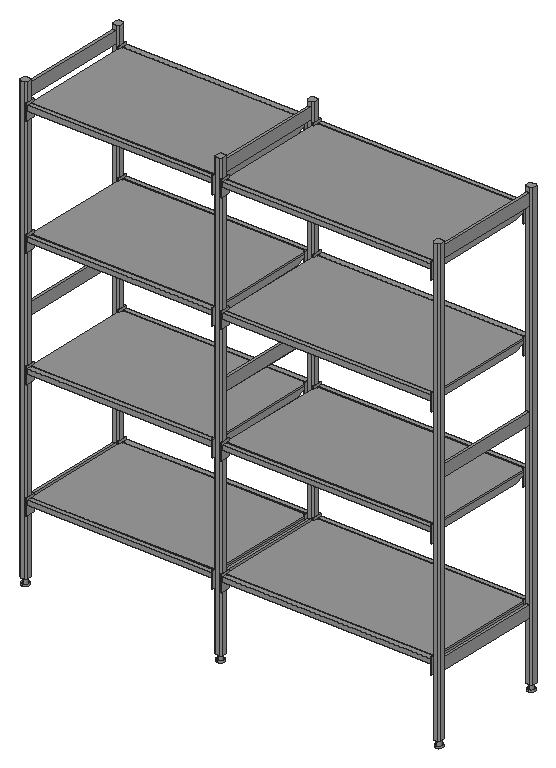
Revit family "QF_ZANUSSI_137039_BLS1606", category Attrezzature speciali, Revit 2020
Family settings
  Quota connettore circolare = Usa diametro
  Tipo di parte = Normale
  Basato su piano di lavoro = No
  Sempre verticale = Sì
  Taglio con vuoti quando caricato = No
  Condiviso = No
  Punto di calcolo locali = No
Parameters (values of type "Standard")
  Weight = 33.00 kg
  Watts = 0 W
  Volts = 0 V
  URL Manufacturer = "http://www.zanussiprofessional.com"
  URL = "http://www.zanussiprofessional.com"
  Steam Supply Size = 0 mm
  Steam Supply Minimum Pressure = 0.0 Pa
  Steam Supply Maximum Pressure = 0.0 Pa
  Steam Consumption per Hour = 0
  Refrigeration Suction Line Size = 0.0 mm
  Refrigeration Liquid Line Size = 0.0 mm
  Refrigerant Compressor Remote = yes
  Prospetto di default = 0.0 mm
  Phase = 0
  Modello = "BLS1606"
  Produttore = "Zanussi"
  Length Actual = 1606.0 mm  # constant formula
  Item Number = "137039"
  Hot Water Size = 0 mm
  Height Actual = 1700.0 mm  # constant formula
  HP = "0 HP"
  Gas Size = 0 mm
  Gas KW = 0
  Gas Input Pressure = 0 W
  Direct Waste Size = 0 mm
  Descrizione = "ALUM.LINEAR SHELV.-POLY.TIERS-475X1606MM"
  Depth Actual = 475.0 mm  # constant formula
  Cycle = 0 Hz
  Condensate Return Size = 0 mm
  Compressed Air Volume = 0.0 L/s
  Compressed Air Size = 0 mm
  Compressed Air Pressure = 0.0 Pa
  Cold Water Size = 0 mm
  Accessory = yes
Reference planes
  plane 1: z = 0
  plane 2 "CenterLeft": x = -31
  plane 3 "LEFT": x = -417
  plane 4 "BACK": y = 23
  plane 5 "FRONT": y = -452
  plane 6 "TOP": z = 1700
  plane 7: x = -385
  plane 8: x = 323
  plane 9 "Center (Front/Back)": y = -214.5
  plane 10: y = -8.5
  plane 11: y = -420.5
  plane 12 "FEET": z = 25
  plane 13: z = 275
  plane 14: z = 725
  plane 15: z = 1175
  plane 16: z = 1625
  plane 17 "CXLeft": x = -403
  plane 18 "Center (Left/Right)": x = 341
  plane 19: y = 5.5
  plane 20 "CYBack": y = 5.5
  plane 21 "CYFront": y = -434.5
  plane 22 "RIGHT": x = 1189
  plane 23: x = 1157
  plane 24 "CXRight": x = 1175
  plane 25: x = 359
Forms (mm)
  Extrusion 1, solid, material "QF_Aluminum"
    sketch origin (-417, 0, -4.006) x (0, 1, 0) y (0, 0, 1)
      loop
        line (-12, 1637.003) -> (4, 1637.003) -> (4, 1655) -> (2.007, 1655) -> (2.007, 1648.501) -> (-431, 1648.501) -> (-431, 1655) -> (-433, 1655) -> (-433, 1637.003) -> (-417, 1637.003) -> (-383, 1625) -> (-46, 1625) -> (-12, 1637.003)
      loop
        line (-12, 1187.003) -> (4, 1187.003) -> (4, 1205) -> (2.007, 1205) -> (2.007, 1198.501) -> (-431, 1198.501) -> (-431, 1205) -> (-433, 1205) -> (-433, 1187.003) -> (-417, 1187.003) -> (-383, 1175) -> (-46, 1175) -> (-12, 1187.003)
      loop
        line (-12, 737.003) -> (4, 737.003) -> (4, 755) -> (2.007, 755) -> (2.007, 748.501) -> (-431, 748.501) -> (-431, 755) -> (-433, 755) -> (-433, 737.003) -> (-417, 737.003) -> (-383, 725) -> (-46, 725) -> (-12, 737.003)
      loop
        line (-12, 287.003) -> (4, 287.003) -> (4, 305) -> (2.007, 305) -> (2.007, 298.501) -> (-431, 298.501) -> (-431, 305) -> (-433, 305) -> (-433, 287.003) -> (-417, 287.003) -> (-383, 275) -> (-46, 275) -> (-12, 287.003)
    from 37 to 32
  Extrusion 2, solid, material "QF_Aluminum"
    sketch origin (-417, 0, 0) x (0, 1, 0) y (0, 0, 1)
      loop
        line (23, 246.005) -> (23, 307.993) -> (-12.993, 307.993) -> (-12.993, 246.005) -> (23, 246.005)
      loop
        line (-452, 246.005) -> (-416.007, 246.005) -> (-416.007, 307.993) -> (-452, 307.993) -> (-452, 246.005)
      loop
        line (23, 696.005) -> (23, 757.993) -> (-12.993, 757.993) -> (-12.993, 696.005) -> (23, 696.005)
      loop
        line (-452, 696.005) -> (-416.007, 696.005) -> (-416.007, 757.993) -> (-452, 757.993) -> (-452, 696.005)
      loop
        line (23, 1146.005) -> (23, 1207.993) -> (-12.993, 1207.993) -> (-12.993, 1146.005) -> (23, 1146.005)
      loop
        line (-452, 1146.005) -> (-416.007, 1146.005) -> (-416.007, 1207.993) -> (-452, 1207.993) -> (-452, 1146.005)
      loop
        line (23, 1596.005) -> (23, 1657.993) -> (-12.993, 1657.993) -> (-12.993, 1596.005) -> (23, 1596.005)
      loop
        line (-452, 1596.005) -> (-416.007, 1596.005) -> (-416.007, 1657.993) -> (-452, 1657.993) -> (-452, 1596.005)
    from 28 to 32
  Extrusion 3, solid, material "QF_Aluminum"
    sketch origin (-417, 0, 0) x (0, 1, 0) y (0, 0, 1)
      loop
        line (4, 1650.994) -> (4, 1632.998) -> (23, 1632.998) -> (23, 1650.994) -> (4, 1650.994)
      loop
        line (-433, 1650.994) -> (-452, 1650.994) -> (-452, 1632.998) -> (-433, 1632.998) -> (-433, 1650.994)
      loop
        line (4, 1200.994) -> (4, 1182.998) -> (23, 1182.998) -> (23, 1200.994) -> (4, 1200.994)
      loop
        line (-433, 1200.994) -> (-452, 1200.994) -> (-452, 1182.998) -> (-433, 1182.998) -> (-433, 1200.994)
      loop
        line (4, 750.994) -> (4, 732.998) -> (23, 732.998) -> (23, 750.994) -> (4, 750.994)
      loop
        line (-433, 750.994) -> (-452, 750.994) -> (-452, 732.998) -> (-433, 732.998) -> (-433, 750.994)
      loop
        line (4, 300.994) -> (4, 282.998) -> (23, 282.998) -> (23, 300.994) -> (4, 300.994)
      loop
        line (-433, 300.994) -> (-452, 300.994) -> (-452, 282.998) -> (-433, 282.998) -> (-433, 300.994)
    from 32 to 740
  Extrusion 4, solid, material "QF_Polyethylene"
    sketch origin (-417, 0, 0) x (0, 1, 0) y (0, 0, 1)
      loop
        line (2.007, 1650.994) -> (-431, 1650.994) -> (-431, 1644.496) -> (2.007, 1644.496) -> (2.007, 1650.994)
      loop
        line (2.007, 1200.994) -> (-431, 1200.994) -> (-431, 1194.496) -> (2.007, 1194.496) -> (2.007, 1200.994)
      loop
        line (2.007, 750.994) -> (-431, 750.994) -> (-431, 744.496) -> (2.007, 744.496) -> (2.007, 750.994)
      loop
        line (2.007, 300.994) -> (-431, 300.994) -> (-431, 294.496) -> (2.007, 294.496) -> (2.007, 300.994)
    from 32 to 740
  Extrusion 5, solid, material "QF_Aluminum"
    sketch origin (1189, 0, 0) x (0, 1, 0) y (0, 0, 1)
      loop
        line (4, 1650.994) -> (4, 1632.998) -> (23, 1632.998) -> (23, 1650.994) -> (4, 1650.994)
      loop
        line (-433, 1650.994) -> (-452, 1650.994) -> (-452, 1632.998) -> (-433, 1632.998) -> (-433, 1650.994)
      loop
        line (4, 1200.994) -> (4, 1182.998) -> (23, 1182.998) -> (23, 1200.994) -> (4, 1200.994)
      loop
        line (-433, 1200.994) -> (-452, 1200.994) -> (-452, 1182.998) -> (-433, 1182.998) -> (-433, 1200.994)
      loop
        line (4, 750.994) -> (4, 732.998) -> (23, 732.998) -> (23, 750.994) -> (4, 750.994)
      loop
        line (-433, 750.994) -> (-452, 750.994) -> (-452, 732.998) -> (-433, 732.998) -> (-433, 750.994)
      loop
        line (4, 300.994) -> (4, 282.998) -> (23, 282.998) -> (23, 300.994) -> (4, 300.994)
      loop
        line (-433, 300.994) -> (-452, 300.994) -> (-452, 282.998) -> (-433, 282.998) -> (-433, 300.994)
    from -32 to -830
  Extrusion 6, solid, material "QF_Polyethylene"
    sketch origin (1189, 0, 0) x (0, 1, 0) y (0, 0, 1)
      loop
        line (2.007, 1650.994) -> (-431, 1650.994) -> (-431, 1644.496) -> (2.007, 1644.496) -> (2.007, 1650.994)
      loop
        line (2.007, 1200.994) -> (-431, 1200.994) -> (-431, 1194.496) -> (2.007, 1194.496) -> (2.007, 1200.994)
      loop
        line (2.007, 750.994) -> (-431, 750.994) -> (-431, 744.496) -> (2.007, 744.496) -> (2.007, 750.994)
      loop
        line (2.007, 300.994) -> (-431, 300.994) -> (-431, 294.496) -> (2.007, 294.496) -> (2.007, 300.994)
    from -32 to -830
Lines and regions (mm)
  symbolic lines
    curve 1: line (323, 4, 1700) -> (-385, 4, 1700)
    curve 2: line (-408, -8.5, 1700) -> (-408, -420.5, 1700)
    curve 3: line (-398, -420.5, 1700) -> (-398, -8.5, 1700)
    curve 4: line (-389, 23, 1700) -> (327, 23, 1700)
    curve 5: line (-385, -452, 1700) -> (323, -452, 1700)
    curve 6: line (355, 23, 1700) -> (1161, 23, 1700)
    curve 7: line (355, -452, 1700) -> (1161, -452, 1700)
    curve 8: line (-385, -433, 1700) -> (323, -433, 1700)
    curve 9: line (359, -433, 1700) -> (1157, -433, 1700)
    curve 10: line (359, 4, 1700) -> (1157, 4, 1700)
    curve 11: line (1157, -12.993, 1700) -> (1157, -416.007, 1700)
    curve 12: line (323, -12.993, 1700) -> (323, -416.007, 1700)
    curve 13: line (359, -416.007, 1700) -> (359, -12.993, 1700)
    curve 14: line (-385, -12.993, 1700) -> (-385, -416.007, 1700)
Dimensions and locks
  plane 3 "LEFT" to plane 2 "CenterLeft" = 386.0 mm
  locked: plane 6 "TOP" to level at 1700
  locked: plane 4 "BACK" to plane 5 "FRONT" at 475
  locked: plane 7 to plane 8 at 708
  locked: plane 10 to plane 11 at 412
  equal spacing: plane 10, plane 9 "Center (Front/Back)", plane 11
  equal spacing: plane 4 "BACK", plane 9 "Center (Front/Back)", plane 5 "FRONT"
  plane 12 "FEET" to level = 25.0 mm
  plane 6 "TOP" to plane 12 "FEET" = 1675.0 mm
  plane 13 to plane 12 "FEET" = 250.0 mm
  plane 14 to plane 13 = 450.0 mm
  plane 15 to plane 14 = 450.0 mm
  plane 16 to plane 15 = 450.0 mm
  locked: plane 4 "BACK" to plane 20 "CYBack" at 17.5
  locked: plane 21 "CYFront" to plane 5 "FRONT" at 17.5
  locked: plane 4 "BACK" to Extrusion 1 at 19
  locked: Extrusion 1 to plane 5 "FRONT" at 19
  Extrusion 1 sketch curve to plane 21 "CYFront" = 3.5 mm
  plane 3 "LEFT" to plane 22 "RIGHT" = 1606.0 mm
  locked: plane 25 to plane 23 at 798
  locked: plane 8 to plane 18 "Center (Left/Right)" at 18
  locked: plane 18 "Center (Left/Right)" to plane 25 at 18
  locked: plane 3 "LEFT" to plane 7 at 32
  locked: plane 24 "CXRight" to plane 22 "RIGHT" at 14
  aligned and locked: level to plane 1
  aligned and locked: plane 7 to Extrusion 1
  aligned and locked: Extrusion 2 to plane 7
  aligned and locked: plane 7 to Extrusion 4
  aligned and locked: Extrusion 4 to plane 8
  aligned and locked: plane 7 to Extrusion 3
  aligned and locked: Extrusion 3 to plane 8
  aligned and locked: Extrusion 3 sketch curve to Extrusion 1
  aligned and locked: Extrusion 1 to Extrusion 3 sketch curve
  aligned and locked: Extrusion 3 sketch curve to Extrusion 3 sketch curve  (x2)
  aligned and locked: Extrusion 1 sketch curve to Extrusion 1 sketch curve  (x3)
  aligned and locked: Extrusion 4 sketch curve to Extrusion 1  (x4)
  aligned and locked: Extrusion 5 sketch curve to Extrusion 5 sketch curve  (x2)
  aligned and locked: Extrusion 5 to plane 25
  aligned and locked: Extrusion 6 to plane 25
  aligned and locked: nested 3 to plane 18 "Center (Left/Right)"
  aligned and locked: nested 1 to plane 17 "CXLeft"
  aligned and locked: Extrusion 3 to plane 7  (x3)
  aligned and locked: plane 8 to Extrusion 3  (x4)
  aligned and locked: plane 25 to Extrusion 5  (x4)
  aligned and locked: plane 25 to Extrusion 6  (x4)
  aligned and locked: plane 8 to Extrusion 4  (x4)
  aligned and locked: nested 2 to plane 24 "CXRight"
  aligned and locked: Extrusion 5 to plane 23
  aligned and locked: Extrusion 6 to plane 23
  aligned and locked: plane 23 to Extrusion 5  (x3)
  aligned and locked: plane 23 to Extrusion 6  (x3)
Automatic sketch dimensions
  plane 21 "CYFront" to Extrusion 1 sketch curve = 1.5 mm  (x4)
  plane 11 to Extrusion 1 sketch curve = 3.5 mm  (x4)
  Extrusion 1 sketch curve to plane 13 = 4.006 mm
  Extrusion 1 sketch curve to Extrusion 1 sketch curve = 34.0 mm  (x4)
  Extrusion 1 sketch curve to plane 14 = 4.006 mm
  Extrusion 1 sketch curve to plane 15 = 4.006 mm
  Extrusion 1 sketch curve to plane 16 = 4.006 mm
  Extrusion 1 sketch curve to plane 10 = 37.5 mm  (x4)
  Extrusion 1 sketch curve to plane 10 = 3.5 mm  (x4)
  plane 19 to Extrusion 1 sketch curve = 3.493 mm  (x4)
  plane 19 to Extrusion 1 sketch curve = 1.5 mm  (x4)
  plane 13 to Extrusion 1 sketch curve = 7.998 mm  (x2)
  Extrusion 1 sketch curve to Extrusion 1 sketch curve = 11.498 mm  (x4)
  Extrusion 1 sketch curve to Extrusion 1 sketch curve = 6.499 mm  (x8)
  plane 14 to Extrusion 1 sketch curve = 7.998 mm  (x2)
  plane 15 to Extrusion 1 sketch curve = 7.998 mm  (x2)
  plane 16 to Extrusion 1 sketch curve = 7.998 mm  (x2)
  Extrusion 2 sketch curve to plane 5 "FRONT" = 0.0 mm  (x4)
  Extrusion 2 sketch curve to plane 4 "BACK" = 0.0 mm  (x4)
  plane 11 to Extrusion 2 sketch curve = 4.493 mm  (x4)
  Extrusion 2 sketch curve to plane 10 = 4.493 mm  (x4)
  Extrusion 2 sketch curve to plane 13 = 28.995 mm  (x2)
  plane 13 to Extrusion 2 sketch curve = 32.993 mm  (x2)
  Extrusion 2 sketch curve to plane 14 = 28.995 mm  (x2)
  plane 14 to Extrusion 2 sketch curve = 32.993 mm  (x2)
  Extrusion 2 sketch curve to plane 15 = 28.995 mm  (x2)
  plane 15 to Extrusion 2 sketch curve = 32.993 mm  (x2)
  Extrusion 2 sketch curve to plane 16 = 28.995 mm  (x2)
  plane 16 to Extrusion 2 sketch curve = 32.993 mm  (x2)
  Extrusion 3 sketch curve to plane 5 "FRONT" = 0.0 mm  (x4)
  Extrusion 3 sketch curve to plane 4 "BACK" = 0.0 mm  (x4)
  plane 19 to Extrusion 3 sketch curve = 1.5 mm  (x4)
  plane 13 to Extrusion 3 sketch curve = 7.998 mm  (x2)
  Extrusion 3 sketch curve to Extrusion 3 sketch curve = 17.997 mm  (x8)
  plane 14 to Extrusion 3 sketch curve = 7.998 mm  (x2)
  plane 15 to Extrusion 3 sketch curve = 7.998 mm  (x2)
  plane 16 to Extrusion 3 sketch curve = 7.998 mm  (x2)
  plane 19 to Extrusion 4 sketch curve = 3.493 mm  (x4)
  plane 13 to Extrusion 4 sketch curve = 19.496 mm
  Extrusion 4 sketch curve to Extrusion 4 sketch curve = 6.499 mm  (x4)
  plane 14 to Extrusion 4 sketch curve = 19.496 mm
  plane 15 to Extrusion 4 sketch curve = 19.496 mm
  plane 16 to Extrusion 4 sketch curve = 19.496 mm
  Extrusion 5 sketch curve to plane 5 "FRONT" = 0.0 mm  (x4)
  Extrusion 5 sketch curve to plane 4 "BACK" = 0.0 mm  (x4)
  plane 21 "CYFront" to Extrusion 5 sketch curve = 1.5 mm  (x2)
  plane 19 to Extrusion 5 sketch curve = 1.5 mm  (x4)
  plane 13 to Extrusion 5 sketch curve = 7.998 mm  (x2)
  Extrusion 5 sketch curve to Extrusion 5 sketch curve = 17.997 mm  (x8)
  plane 14 to Extrusion 5 sketch curve = 7.998 mm  (x2)
  plane 15 to Extrusion 5 sketch curve = 7.998 mm  (x2)
  plane 16 to Extrusion 5 sketch curve = 7.998 mm  (x2)
  plane 21 "CYFront" to Extrusion 6 sketch curve = 3.5 mm  (x4)
  plane 19 to Extrusion 6 sketch curve = 3.493 mm  (x4)
  plane 13 to Extrusion 6 sketch curve = 19.496 mm
  Extrusion 6 sketch curve to Extrusion 6 sketch curve = 6.499 mm  (x4)
  plane 14 to Extrusion 6 sketch curve = 19.496 mm
  plane 15 to Extrusion 6 sketch curve = 19.496 mm
  plane 16 to Extrusion 6 sketch curve = 19.496 mm
  curve 7 to plane 5 "FRONT" = 0.0 mm
  curve 5 to plane 5 "FRONT" = 0.0 mm
  curve 8 to plane 8 = 0.0 mm
  curve 9 to plane 25 = 0.0 mm
  curve 9 to plane 23 = 0.0 mm
  curve 8 to plane 7 = 0.0 mm
  curve 2 to plane 11 = 0.0 mm
  curve 3 to plane 11 = 0.0 mm
  curve 14 to plane 7 = 0.0 mm
  curve 13 to plane 25 = 0.0 mm
  curve 12 to plane 8 = 0.0 mm
  curve 11 to plane 23 = 0.0 mm
  curve 3 to plane 10 = 0.0 mm
  curve 2 to plane 10 = 0.0 mm
  curve 1 to plane 8 = 0.0 mm
  curve 1 to plane 7 = 0.0 mm
  curve 10 to plane 23 = 0.0 mm
  curve 10 to plane 25 = 0.0 mm
  curve 4 to plane 4 "BACK" = 0.0 mm
  curve 6 to plane 4 "BACK" = 0.0 mm
  curve 5 to plane 8 = 0.0 mm
  curve 5 to plane 7 = 0.0 mm
  plane 21 "CYFront" to curve 8 = 1.5 mm
  plane 21 "CYFront" to curve 9 = 1.5 mm
  plane 11 to curve 14 = 4.493 mm
  plane 11 to curve 13 = 4.493 mm
  plane 11 to curve 12 = 4.493 mm
  plane 11 to curve 11 = 4.493 mm
  curve 14 to plane 10 = 4.493 mm
  curve 13 to plane 10 = 4.493 mm
  curve 12 to plane 10 = 4.493 mm
  curve 11 to plane 10 = 4.493 mm
  plane 19 to curve 1 = 1.5 mm
  plane 19 to curve 10 = 1.5 mm
  curve 6 to plane 23 = 4.0 mm
  curve 7 to plane 23 = 4.0 mm
  curve 6 to plane 25 = 4.0 mm
  curve 7 to plane 25 = 4.0 mm
  curve 4 to plane 8 = 4.0 mm
  plane 7 to curve 4 = 4.0 mm
  plane 17 "CXLeft" to curve 3 = 5.0 mm
  curve 2 to plane 17 "CXLeft" = 5.0 mm
Nested families
  nested 1: "WT_Anta475" at (0, 0, 0), type "WT_Anta475"
  nested 2: "WT_Anta475" at (772, 0, 0) x (-1, 0, 0) z (0, 0, 1), type "WT_Anta475"
  nested 3: "WT_Anta475Center" at (744, 0, 0), type "WT_Anta475Center"
Definition of nested family "WT_Anta475"
  Parameters
    WidthLeft = A + 64.0 mm  # 772.0 mm
    Width = 1606.0 mm
    Right = WidthLeft / 2  # 386.0 mm
    Default Elevation = 0.0 mm
    Left = -WidthLeft / 2  # -386.0 mm
    Height = 1725.0 mm
    FEET = 25.0 mm
    E = 0.0 mm
    Dint = Depth - 63.0 mm  # 412.0 mm
    Dext = Depth - 8.0 mm  # 467.0 mm
    Depth = 475.0 mm
    DX = (WidthLeft - A) / 2  # 32.0 mm
    B = 798.0 mm
    A = 708.0 mm
  Reference planes
    plane 1: z = 0
    plane 2 "LEFT": x = -417
    plane 3 "BACK": y = 23
    plane 4 "FRONT": y = -452
    plane 5 "TOP": z = 1725
    plane 6 "Center (Front/Back)": y = -214.5
    plane 7: y = -8.5
    plane 8: y = -420.5
    plane 9 "FEET": z = 25
    plane 10: z = 275
    plane 11: z = 725
    plane 12: z = 1175
    plane 13: z = 1625
    plane 14 "CXLeft": x = -403
    plane 15: y = 5.5
    plane 16 "CYBack": y = 5.5
    plane 17 "CYFront": y = -434.5
    plane 18: x = -385.031
    plane 19: x = -380.031
  Forms (mm)
    Extrusion 1, solid
      sketch origin (0, 0, 0) x (1, 0, 0) y (0, 1, 0)
        loop
          line (-417, 13.246) -> (-417, -2.246) -> (-410.746, -8.5) -> (-395.254, -8.5) -> (-389, -2.246) -> (-389, 13.246) -> (-395.254, 19.5) -> (-410.746, 19.5) -> (-417, 13.246)
      from 1725 to 25
    Extrusion 2, solid
      sketch origin (-417, 0, 0) x (0, 1, 0) y (0, 0, 1)
        loop
          line (23, 246.005) -> (23, 307.993) -> (-12.993, 307.993) -> (-12.993, 246.005) -> (23, 246.005)
        loop
          line (-452, 246.005) -> (-416.007, 246.005) -> (-416.007, 307.993) -> (-452, 307.993) -> (-452, 246.005)
        loop
          line (23, 696.005) -> (23, 757.993) -> (-12.993, 757.993) -> (-12.993, 696.005) -> (23, 696.005)
        loop
          line (-452, 696.005) -> (-416.007, 696.005) -> (-416.007, 757.993) -> (-452, 757.993) -> (-452, 696.005)
        loop
          line (23, 1146.005) -> (23, 1207.993) -> (-12.993, 1207.993) -> (-12.993, 1146.005) -> (23, 1146.005)
        loop
          line (-452, 1146.005) -> (-416.007, 1146.005) -> (-416.007, 1207.993) -> (-452, 1207.993) -> (-452, 1146.005)
        loop
          line (23, 1596.005) -> (23, 1657.993) -> (-12.993, 1657.993) -> (-12.993, 1596.005) -> (23, 1596.005)
        loop
          line (-452, 1596.005) -> (-416.007, 1596.005) -> (-416.007, 1657.993) -> (-452, 1657.993) -> (-452, 1596.005)
      from 28 to 32
    Revolve 3, solid
      sketch origin (-403, 0, 0) x (0, 1, 0) y (0, 0, 1)
        loop
          line (5.5, 25) -> (5.5, 0) -> (19, 0) -> (19, 5) -> (14, 5) -> (14, 25) -> (5.5, 25)
        axis (5.5, 25) -> (5.5, 0)
      angle from 0 to 360
    Extrusion 4, solid
      sketch origin (-403, 0, 0) x (0, 1, 0) y (0, 0, 1)
        loop
          line (-8.5, 912.382) -> (-8.5, 957.374) -> (-420.5, 957.374) -> (-420.5, 912.382) -> (-8.5, 912.382)
        loop
          line (-8.5, 1662.244) -> (-8.5, 1707.236) -> (-420.5, 1707.236) -> (-420.5, 1662.244) -> (-8.5, 1662.244)
      from -5 to 5
    Revolve 5, solid
      sketch origin (-403, -627, 0) x (0, -1, 0) y (0, 0, 1)
        loop
          line (-192.5, 25) -> (-192.5, 0) -> (-179, 0) -> (-179, 5) -> (-184, 5) -> (-184, 25) -> (-192.5, 25)
        axis (-192.5, 25) -> (-192.5, 0)
      angle from 0 to 360
    Extrusion 6, solid
      sketch origin (0, -627, 0) x (1, 0, 0) y (0, 1, 0)
        loop
          line (-417, 184.754) -> (-410.746, 178.5) -> (-395.254, 178.5) -> (-389, 184.754) -> (-389, 200.246) -> (-395.254, 206.5) -> (-410.746, 206.5) -> (-417, 200.246) -> (-417, 184.754)
      from 1725 to 25
    Extrusion 7, solid
      sketch origin (-417.031, -0.022, 0) x (0, 1, 0) y (0, 0, -1)
        loop
          line (-12, -1632.998) -> (-46, -1620.994) -> (-383, -1620.994) -> (-417, -1632.998) -> (-433, -1632.998) -> (-433, -1650.994) -> (-431, -1650.994) -> (-431, -1644.496) -> (2.007, -1644.496) -> (2.007, -1650.994) -> (4, -1650.994) -> (4, -1632.998) -> (-12, -1632.998)
        loop
          line (-12, -1182.998) -> (-46, -1170.994) -> (-383, -1170.994) -> (-417, -1182.998) -> (-433, -1182.998) -> (-433, -1200.994) -> (-431, -1200.994) -> (-431, -1194.496) -> (2.007, -1194.496) -> (2.007, -1200.994) -> (4, -1200.994) -> (4, -1182.998) -> (-12, -1182.998)
        loop
          line (-12, -732.998) -> (-46, -720.994) -> (-383, -720.994) -> (-417, -732.998) -> (-433, -732.998) -> (-433, -750.994) -> (-431, -750.994) -> (-431, -744.496) -> (2.007, -744.496) -> (2.007, -750.994) -> (4, -750.994) -> (4, -732.998) -> (-12, -732.998)
        loop
          line (-12, -282.998) -> (-46, -270.994) -> (-383, -270.994) -> (-417, -282.998) -> (-433, -282.998) -> (-433, -300.994) -> (-431, -300.994) -> (-431, -294.496) -> (2.007, -294.496) -> (2.007, -300.994) -> (4, -300.994) -> (4, -282.998) -> (-12, -282.998)
      from -32 to -37
    Extrusion 8, solid
      sketch origin (-403, 0, -659.878) x (0, 1, 0) y (0, 0, 1)
        loop
          line (-8.5, 912.382) -> (-8.5, 957.374) -> (-420.5, 957.374) -> (-420.5, 912.382) -> (-8.5, 912.382)
        loop
          line (-8.5, 1572.382) -> (-8.5, 1617.374) -> (-420.5, 1617.374) -> (-420.5, 1572.382) -> (-8.5, 1572.382)
        loop
          line (-8.5, 2322.382) -> (-8.5, 2367.374) -> (-420.5, 2367.374) -> (-420.5, 2322.382) -> (-8.5, 2322.382)
      from -5 to 5
  Lines and regions (mm)
    symbolic lines
      curve 1: line (-408, -8.5, 1725) -> (-408, -420.5, 1725)
      curve 2: line (-398, -420.5, 1725) -> (-398, -8.5, 1725)
      curve 3: line (-395.254, -8.5, 1725) -> (-410.746, -8.5, 1725)
      curve 4: line (-417, -2.246, 1725) -> (-410.746, -8.5, 1725)
      curve 5: line (-417, 13.246, 1725) -> (-417, -2.246, 1725)
      curve 6: line (-410.746, 19.5, 1725) -> (-417, 13.246, 1725)
      curve 7: line (-395.254, 19.5, 1725) -> (-410.746, 19.5, 1725)
      curve 8: line (-389, 13.246, 1725) -> (-395.254, 19.5, 1725)
      curve 9: line (-395.254, -8.5, 1725) -> (-389, -2.246, 1725)
      curve 10: line (-395.254, -420.5, 1725) -> (-410.746, -420.5, 1725)
      curve 11: line (-417, -426.754, 1725) -> (-410.746, -420.5, 1725)
      curve 12: line (-410.746, -448.5, 1725) -> (-417, -442.246, 1725)
      curve 13: line (-395.254, -448.5, 1725) -> (-410.746, -448.5, 1725)
      curve 14: line (-389, -442.246, 1725) -> (-395.254, -448.5, 1725)
      curve 15: line (-395.254, -420.5, 1725) -> (-389, -426.754, 1725)
      curve 16: line (-389, -452, 1725) -> (-389, -416.007, 1725)
      curve 17: line (-389, -416.007, 1725) -> (-385, -416.007, 1725)
      curve 18: line (-389, 23, 1725) -> (-389, -12.993, 1725)
      curve 19: line (-389, -12.993, 1725) -> (-385, -12.993, 1725)
      curve 20: line (-417, -426.754, 1725) -> (-417, -442.246, 1725)
      curve 21: line (-385, -452, 1725) -> (-385, -416.007, 1725)
      curve 22: line (-385, -452, 1725) -> (-389, -452, 1725)
      curve 23: line (-385, 23, 1725) -> (-389, 23, 1725)
      curve 24: line (-385, -12.993, 1725) -> (-385, 23, 1725)
      curve 25: line (-385.031, -13.016, 1725) -> (-385.031, -416.029, 1725)
  Dimensions and locks
    "Height": plane 5 "TOP" to level
    "Depth": plane 3 "BACK" to plane 4 "FRONT"
    "Dint": plane 7 to plane 8
    equal spacing: plane 7, plane 6 "Center (Front/Back)", plane 8
    equal spacing: plane 3 "BACK", plane 6 "Center (Front/Back)", plane 4 "FRONT"
    plane 9 "FEET" to level = 25.0 mm
    plane 5 "TOP" to plane 9 "FEET" = 1700.0 mm
    plane 10 to plane 9 "FEET" = 250.0 mm
    plane 11 to plane 10 = 450.0 mm
    plane 12 to plane 11 = 450.0 mm
    plane 13 to plane 12 = 450.0 mm
    locked: plane 2 "LEFT" to plane 14 "CXLeft" at 14
    locked: plane 3 "BACK" to plane 16 "CYBack" at 17.5
    locked: plane 17 "CYFront" to plane 4 "FRONT" at 17.5
    locked: Revolve 3 sketch curve to Revolve 3 sketch curve at 8.5
    locked: Revolve 3 sketch curve to plane 16 "CYBack" at 13.5
    locked: Revolve 5 sketch curve to Revolve 5 sketch curve at 8.5
    aligned and locked: level to plane 1
    aligned and locked: curve 20 to Extrusion 6
    aligned and locked: plane 5 "TOP" to Extrusion 1
    aligned and locked: plane 5 "TOP" to Extrusion 6
    aligned and locked: Extrusion 7 sketch curve to Extrusion 7 sketch curve  (x3)
  Automatic sketch dimensions
    curve 16 to plane 4 "FRONT" = 0.0 mm
    curve 11 to plane 8 = 0.0 mm
    curve 9 to plane 7 = 0.0 mm
    curve 5 to plane 2 "LEFT" = 0.0 mm
    curve 23 to plane 3 "BACK" = 0.0 mm
    plane 4 "FRONT" to curve 13 = 3.5 mm
    curve 20 to plane 17 "CYFront" = 7.746 mm
    curve 20 to plane 8 = 6.254 mm
    plane 8 to curve 16 = 4.493 mm
    curve 24 to plane 18 = 0.031 mm
    curve 24 to plane 7 = 4.493 mm
    plane 7 to curve 5 = 6.254 mm
    curve 5 to plane 15 = 7.746 mm
    curve 6 to plane 3 "BACK" = 3.5 mm
    curve 21 to plane 18 = 0.031 mm
    plane 18 to curve 23 = 3.969 mm
    plane 18 to curve 16 = 3.969 mm
    curve 18 to curve 8 = 6.254 mm
    curve 18 to curve 3 = 6.254 mm
    curve 16 to curve 13 = 6.254 mm
    curve 16 to curve 15 = 6.254 mm
    plane 2 "LEFT" to curve 10 = 6.254 mm
    plane 2 "LEFT" to curve 7 = 6.254 mm
    plane 2 "LEFT" to curve 12 = 6.254 mm
    plane 2 "LEFT" to curve 3 = 6.254 mm
    curve 14 to plane 17 "CYFront" = 7.746 mm
    curve 15 to plane 8 = 6.254 mm
    plane 7 to curve 9 = 6.254 mm
    curve 8 to plane 15 = 7.746 mm
    curve 3 to curve 2 = 2.746 mm
    curve 1 to curve 10 = 2.746 mm
    Extrusion 1 sketch curve to plane 2 "LEFT" = 0.0 mm
    Extrusion 1 sketch curve to plane 7 = 0.0 mm
    plane 2 "LEFT" to Extrusion 1 sketch curve = 6.254 mm  (x2)
    plane 14 "CXLeft" to Extrusion 1 sketch curve = 7.746 mm  (x2)
    Extrusion 1 sketch curve to plane 3 "BACK" = 3.5 mm
    plane 18 to Extrusion 1 sketch curve = 3.969 mm
    plane 7 to Extrusion 1 sketch curve = 6.254 mm  (x2)
    Extrusion 1 sketch curve to plane 15 = 7.746 mm  (x2)
    Extrusion 2 sketch curve to plane 4 "FRONT" = 0.0 mm  (x4)
    Extrusion 2 sketch curve to plane 3 "BACK" = 0.0 mm  (x4)
    plane 8 to Extrusion 2 sketch curve = 4.493 mm  (x4)
    Extrusion 2 sketch curve to plane 7 = 4.493 mm  (x4)
    Extrusion 2 sketch curve to plane 10 = 28.995 mm  (x2)
    plane 10 to Extrusion 2 sketch curve = 32.993 mm  (x2)
    Extrusion 2 sketch curve to plane 11 = 28.995 mm  (x2)
    plane 11 to Extrusion 2 sketch curve = 32.993 mm  (x2)
    Extrusion 2 sketch curve to plane 12 = 28.995 mm  (x2)
    plane 12 to Extrusion 2 sketch curve = 32.993 mm  (x2)
    Extrusion 2 sketch curve to plane 13 = 28.995 mm  (x2)
    plane 13 to Extrusion 2 sketch curve = 32.993 mm  (x2)
    Revolve 3 sketch curve to plane 9 "FEET" = 0.0 mm  (x2)
    Revolve 3 sketch curve to plane 15 = 0.0 mm  (x2)
    Revolve 3 sketch curve to level = 0.0 mm
    level to Revolve 3 sketch curve = 5.0 mm
    Revolve 3 sketch curve to Revolve 3 sketch curve = 11.655 mm
    Extrusion 4 sketch curve to plane 8 = 0.0 mm  (x2)
    Extrusion 4 sketch curve to plane 7 = 0.0 mm  (x2)
    plane 11 to Extrusion 4 sketch curve = 187.382 mm
    Extrusion 4 sketch curve to Extrusion 4 sketch curve = 44.992 mm
    plane 13 to Extrusion 4 sketch curve = 37.244 mm
    Extrusion 4 sketch curve to plane 5 "TOP" = 17.764 mm
    Revolve 5 sketch curve to plane 9 "FEET" = 0.0 mm  (x2)
    Revolve 5 sketch curve to plane 17 "CYFront" = 0.0 mm  (x2)
    Revolve 5 sketch curve to level = 0.0 mm
    Revolve 5 sketch curve to plane 4 "FRONT" = 4.0 mm
    Revolve 5 sketch curve to Revolve 5 sketch curve = 5.0 mm
    level to Revolve 5 sketch curve = 11.655 mm
    Extrusion 6 sketch curve to plane 2 "LEFT" = 0.0 mm
    Extrusion 6 sketch curve to plane 8 = 0.0 mm
    Extrusion 6 sketch curve to plane 2 "LEFT" = 6.254 mm  (x2)
    Extrusion 6 sketch curve to plane 14 "CXLeft" = 7.746 mm  (x2)
    Extrusion 6 sketch curve to plane 4 "FRONT" = 3.5 mm
    Extrusion 6 sketch curve to plane 18 = 3.969 mm
    plane 8 to Extrusion 6 sketch curve = 6.254 mm  (x2)
    plane 17 "CYFront" to Extrusion 6 sketch curve = 7.746 mm  (x2)
    plane 17 "CYFront" to Extrusion 7 sketch curve = 1.478 mm  (x4)
    Extrusion 7 sketch curve to Extrusion 7 sketch curve = 2.0 mm
    plane 8 to Extrusion 7 sketch curve = 3.478 mm  (x4)
    Extrusion 7 sketch curve to plane 10 = 4.006 mm
    Extrusion 7 sketch curve to Extrusion 7 sketch curve = 34.0 mm  (x4)
    Extrusion 7 sketch curve to plane 11 = 4.006 mm
    Extrusion 7 sketch curve to plane 12 = 4.006 mm
    Extrusion 7 sketch curve to plane 13 = 4.006 mm
    Extrusion 7 sketch curve to plane 7 = 37.522 mm  (x4)
    Extrusion 7 sketch curve to plane 7 = 3.522 mm  (x4)
    plane 15 to Extrusion 7 sketch curve = 3.516 mm  (x4)
    plane 15 to Extrusion 7 sketch curve = 1.522 mm  (x4)
    plane 13 to Extrusion 7 sketch curve = 7.998 mm  (x2)
    Extrusion 7 sketch curve to Extrusion 7 sketch curve = 11.498 mm
    Extrusion 7 sketch curve to Extrusion 7 sketch curve = 6.499 mm  (x5)
    plane 12 to Extrusion 7 sketch curve = 25.994 mm  (x2)
    plane 12 to Extrusion 7 sketch curve = 7.998 mm  (x2)
    plane 11 to Extrusion 7 sketch curve = 25.994 mm  (x2)
    plane 11 to Extrusion 7 sketch curve = 7.998 mm  (x2)
    plane 10 to Extrusion 7 sketch curve = 25.994 mm  (x2)
    plane 10 to Extrusion 7 sketch curve = 7.998 mm  (x2)
    curve 25 to plane 18 = 0.0 mm
    plane 8 to curve 25 = 4.471 mm
    curve 25 to plane 7 = 4.516 mm
    Extrusion 8 sketch curve to plane 8 = 0.0 mm  (x3)
    Extrusion 8 sketch curve to plane 7 = 0.0 mm  (x3)
    Extrusion 8 sketch curve to plane 10 = 22.496 mm
    plane 10 to Extrusion 8 sketch curve = 22.496 mm
    plane 11 to Extrusion 8 sketch curve = 187.504 mm
    Extrusion 8 sketch curve to Extrusion 8 sketch curve = 44.992 mm
    plane 13 to Extrusion 8 sketch curve = 37.504 mm
    Extrusion 8 sketch curve to plane 5 "TOP" = 17.504 mm
Definition of nested family "WT_Anta475Center"
  Parameters
    WidthLeft = A + 64.0 mm  # 772.0 mm
    Width = 1606.0 mm
    Right = WidthLeft / 2  # 386.0 mm
    Default Elevation = 0.0 mm
    Left = -WidthLeft / 2  # -386.0 mm
    Height = 1725.0 mm
    FEET = 25.0 mm
    E = 0.0 mm
    Dint = Depth - 63.0 mm  # 412.0 mm
    Dext = Depth - 8.0 mm  # 467.0 mm
    Depth = 475.0 mm
    DX = (WidthLeft - A) / 2  # 32.0 mm
    B = 798.0 mm
    A = 708.0 mm
  Reference planes
    plane 1: z = 0
    plane 2 "L": x = -417
    plane 3 "BACK": y = 23
    plane 4 "FRONT": y = -452
    plane 5 "TOP": z = 1725
    plane 6 "Center (Front/Back)": y = -214.5
    plane 7: y = -8.5
    plane 8: y = -420.5
    plane 9 "FEET": z = 25
    plane 10: z = 275
    plane 11: z = 725
    plane 12: z = 1175
    plane 13: z = 1625
    plane 14 "CXLeft": x = -403
    plane 15: y = 5.5
    plane 16 "CYBack": y = 5.5
    plane 17 "CYFront": y = -434.5
    plane 18: x = -385.031
    plane 19 "RIGHT": x = -380.031
    plane 20: x = -420.969
    plane 21 "LEFT": x = -425.969
  Forms (mm)
    Extrusion 1, solid
      sketch origin (0, 0, 0) x (1, 0, 0) y (0, 1, 0)
        loop
          line (-417, 13.246) -> (-417, -2.246) -> (-410.746, -8.5) -> (-395.254, -8.5) -> (-389, -2.246) -> (-389, 13.246) -> (-395.254, 19.5) -> (-410.746, 19.5) -> (-417, 13.246)
      from 1725 to 25
    Extrusion 2, solid
      sketch origin (-417, 0, 0) x (0, 1, 0) y (0, 0, 1)
        loop
          line (23, 246.005) -> (23, 307.993) -> (-12.993, 307.993) -> (-12.993, 246.005) -> (23, 246.005)
        loop
          line (-452, 246.005) -> (-416.007, 246.005) -> (-416.007, 307.993) -> (-452, 307.993) -> (-452, 246.005)
        loop
          line (23, 696.005) -> (23, 757.993) -> (-12.993, 757.993) -> (-12.993, 696.005) -> (23, 696.005)
        loop
          line (-452, 696.005) -> (-416.007, 696.005) -> (-416.007, 757.993) -> (-452, 757.993) -> (-452, 696.005)
        loop
          line (23, 1146.005) -> (23, 1207.993) -> (-12.993, 1207.993) -> (-12.993, 1146.005) -> (23, 1146.005)
        loop
          line (-452, 1146.005) -> (-416.007, 1146.005) -> (-416.007, 1207.993) -> (-452, 1207.993) -> (-452, 1146.005)
        loop
          line (23, 1596.005) -> (23, 1657.993) -> (-12.993, 1657.993) -> (-12.993, 1596.005) -> (23, 1596.005)
        loop
          line (-452, 1596.005) -> (-416.007, 1596.005) -> (-416.007, 1657.993) -> (-452, 1657.993) -> (-452, 1596.005)
      from 28 to 32
    Revolve 3, solid
      sketch origin (-403, 0, 0) x (0, 1, 0) y (0, 0, 1)
        loop
          line (5.5, 25) -> (5.5, 0) -> (19, 0) -> (19, 5) -> (14, 5) -> (14, 25) -> (5.5, 25)
        axis (5.5, 25) -> (5.5, 0)
      angle from 0 to 360
    Extrusion 4, solid
      sketch origin (-403, 0, 0) x (0, 1, 0) y (0, 0, 1)
        loop
          line (-8.5, 912.382) -> (-8.5, 957.374) -> (-420.5, 957.374) -> (-420.5, 912.382) -> (-8.5, 912.382)
        loop
          line (-8.5, 1662.244) -> (-8.5, 1707.236) -> (-420.5, 1707.236) -> (-420.5, 1662.244) -> (-8.5, 1662.244)
      from -5 to 5
    Revolve 5, solid
      sketch origin (-403, -627, 0) x (0, -1, 0) y (0, 0, 1)
        loop
          line (-192.5, 25) -> (-192.5, 0) -> (-179, 0) -> (-179, 5) -> (-184, 5) -> (-184, 25) -> (-192.5, 25)
        axis (-192.5, 25) -> (-192.5, 0)
      angle from 0 to 360
    Extrusion 6, solid
      sketch origin (0, -627, 0) x (1, 0, 0) y (0, 1, 0)
        loop
          line (-417, 184.754) -> (-410.746, 178.5) -> (-395.254, 178.5) -> (-389, 184.754) -> (-389, 200.246) -> (-395.254, 206.5) -> (-410.746, 206.5) -> (-417, 200.246) -> (-417, 184.754)
      from 1725 to 25
    Extrusion 7, solid
      sketch origin (-417.031, -0.022, 0) x (0, 1, 0) y (0, 0, -1)
        loop
          line (-12, -1632.998) -> (-46, -1620.994) -> (-383, -1620.994) -> (-417, -1632.998) -> (-433, -1632.998) -> (-433, -1650.994) -> (-431, -1650.994) -> (-431, -1644.496) -> (2.007, -1644.496) -> (2.007, -1650.994) -> (4, -1650.994) -> (4, -1632.998) -> (-12, -1632.998)
        loop
          line (-12, -1182.998) -> (-46, -1170.994) -> (-383, -1170.994) -> (-417, -1182.998) -> (-433, -1182.998) -> (-433, -1200.994) -> (-431, -1200.994) -> (-431, -1194.496) -> (2.007, -1194.496) -> (2.007, -1200.994) -> (4, -1200.994) -> (4, -1182.998) -> (-12, -1182.998)
        loop
          line (-12, -732.998) -> (-46, -720.994) -> (-383, -720.994) -> (-417, -732.998) -> (-433, -732.998) -> (-433, -750.994) -> (-431, -750.994) -> (-431, -744.496) -> (2.007, -744.496) -> (2.007, -750.994) -> (4, -750.994) -> (4, -732.998) -> (-12, -732.998)
        loop
          line (-12, -282.998) -> (-46, -270.994) -> (-383, -270.994) -> (-417, -282.998) -> (-433, -282.998) -> (-433, -300.994) -> (-431, -300.994) -> (-431, -294.496) -> (2.007, -294.496) -> (2.007, -300.994) -> (4, -300.994) -> (4, -282.998) -> (-12, -282.998)
      from -32 to -37
    Extrusion 8, solid
      sketch origin (-403, 0, -659.878) x (0, 1, 0) y (0, 0, 1)
        loop
          line (-8.5, 912.382) -> (-8.5, 957.374) -> (-420.5, 957.374) -> (-420.5, 912.382) -> (-8.5, 912.382)
        loop
          line (-8.5, 1572.382) -> (-8.5, 1617.374) -> (-420.5, 1617.374) -> (-420.5, 1572.382) -> (-8.5, 1572.382)
        loop
          line (-8.5, 2322.382) -> (-8.5, 2367.374) -> (-420.5, 2367.374) -> (-420.5, 2322.382) -> (-8.5, 2322.382)
      from -5 to 5
    Extrusion 9, solid
      sketch origin (-389, 0, 0) x (0, 1, 0) y (0, 0, -1)
        loop
          line (23, -246.005) -> (-12.993, -246.005) -> (-12.993, -307.993) -> (23, -307.993) -> (23, -246.005)
        loop
          line (-452, -246.005) -> (-452, -307.993) -> (-416.007, -307.993) -> (-416.007, -246.005) -> (-452, -246.005)
        loop
          line (23, -696.005) -> (-12.993, -696.005) -> (-12.993, -757.993) -> (23, -757.993) -> (23, -696.005)
        loop
          line (-452, -696.005) -> (-452, -757.993) -> (-416.007, -757.993) -> (-416.007, -696.005) -> (-452, -696.005)
        loop
          line (23, -1146.005) -> (-12.993, -1146.005) -> (-12.993, -1207.993) -> (23, -1207.993) -> (23, -1146.005)
        loop
          line (-452, -1146.005) -> (-452, -1207.993) -> (-416.007, -1207.993) -> (-416.007, -1146.005) -> (-452, -1146.005)
        loop
          line (23, -1596.005) -> (-12.993, -1596.005) -> (-12.993, -1657.993) -> (23, -1657.993) -> (23, -1596.005)
        loop
          line (-452, -1596.005) -> (-452, -1657.993) -> (-416.007, -1657.993) -> (-416.007, -1596.005) -> (-452, -1596.005)
      from 28 to 32
    Extrusion 10, solid
      sketch origin (-388.969, -0.022, 0) x (0, 1, 0) y (0, 0, 1)
        loop
          line (-12, 1632.998) -> (4, 1632.998) -> (4, 1650.994) -> (2.007, 1650.994) -> (2.007, 1644.496) -> (-431, 1644.496) -> (-431, 1650.994) -> (-433, 1650.994) -> (-433, 1632.998) -> (-417, 1632.998) -> (-383, 1620.994) -> (-46, 1620.994) -> (-12, 1632.998)
        loop
          line (-12, 1182.998) -> (4, 1182.998) -> (4, 1200.994) -> (2.007, 1200.994) -> (2.007, 1194.496) -> (-431, 1194.496) -> (-431, 1200.994) -> (-433, 1200.994) -> (-433, 1182.998) -> (-417, 1182.998) -> (-383, 1170.994) -> (-46, 1170.994) -> (-12, 1182.998)
        loop
          line (-12, 732.998) -> (4, 732.998) -> (4, 750.994) -> (2.007, 750.994) -> (2.007, 744.496) -> (-431, 744.496) -> (-431, 750.994) -> (-433, 750.994) -> (-433, 732.998) -> (-417, 732.998) -> (-383, 720.994) -> (-46, 720.994) -> (-12, 732.998)
        loop
          line (-12, 282.998) -> (4, 282.998) -> (4, 300.994) -> (2.007, 300.994) -> (2.007, 294.496) -> (-431, 294.496) -> (-431, 300.994) -> (-433, 300.994) -> (-433, 282.998) -> (-417, 282.998) -> (-383, 270.994) -> (-46, 270.994) -> (-12, 282.998)
      from -32 to -37
  Lines and regions (mm)
    symbolic lines
      curve 1: line (-408, -8.5, 1725) -> (-408, -420.5, 1725)
      curve 2: line (-398, -420.5, 1725) -> (-398, -8.5, 1725)
      curve 3: line (-395.254, -8.5, 1725) -> (-410.746, -8.5, 1725)
      curve 4: line (-417, -2.246, 1725) -> (-410.746, -8.5, 1725)
      curve 5: line (-410.746, 19.5, 1725) -> (-417, 13.246, 1725)
      curve 6: line (-395.254, 19.5, 1725) -> (-410.746, 19.5, 1725)
      curve 7: line (-389, 13.246, 1725) -> (-395.254, 19.5, 1725)
      curve 8: line (-395.254, -8.5, 1725) -> (-389, -2.246, 1725)
      curve 9: line (-395.254, -420.5, 1725) -> (-410.746, -420.5, 1725)
      curve 10: line (-417, -426.754, 1725) -> (-410.746, -420.5, 1725)
      curve 11: line (-410.746, -448.5, 1725) -> (-417, -442.246, 1725)
      curve 12: line (-395.254, -448.5, 1725) -> (-410.746, -448.5, 1725)
      curve 13: line (-389, -442.246, 1725) -> (-395.254, -448.5, 1725)
      curve 14: line (-395.254, -420.5, 1725) -> (-389, -426.754, 1725)
      curve 15: line (-389, -452, 1725) -> (-389, -416.007, 1725)
      curve 16: line (-389, -416.007, 1725) -> (-385, -416.007, 1725)
      curve 17: line (-389, 23, 1725) -> (-389, -12.993, 1725)
      curve 18: line (-389, -12.993, 1725) -> (-385, -12.993, 1725)
      curve 19: line (-385, -452, 1725) -> (-385, -416.007, 1725)
      curve 20: line (-385, -452, 1725) -> (-389, -452, 1725)
      curve 21: line (-385, 23, 1725) -> (-389, 23, 1725)
      curve 22: line (-385, -12.993, 1725) -> (-385, 23, 1725)
      curve 23: line (-385.031, -13.016, 1725) -> (-385.031, -416.029, 1725)
      curve 24: line (-417, -452, 1725) -> (-417, -416.007, 1725)
      curve 25: line (-417, -416.007, 1725) -> (-421, -416.007, 1725)
      curve 26: line (-417, 23, 1725) -> (-417, -12.993, 1725)
      curve 27: line (-417, -12.993, 1725) -> (-421, -12.993, 1725)
      curve 28: line (-421, -452, 1725) -> (-421, -416.007, 1725)
      curve 29: line (-421, -452, 1725) -> (-417, -452, 1725)
      curve 30: line (-421, 23, 1725) -> (-417, 23, 1725)
      curve 31: line (-421, -12.993, 1725) -> (-421, 23, 1725)
      curve 32: line (-420.969, -13.016, 1725) -> (-420.969, -416.029, 1725)
  Dimensions and locks
    "Height": plane 5 "TOP" to level
    "Depth": plane 3 "BACK" to plane 4 "FRONT"
    "Dint": plane 7 to plane 8
    equal spacing: plane 7, plane 6 "Center (Front/Back)", plane 8
    equal spacing: plane 3 "BACK", plane 6 "Center (Front/Back)", plane 4 "FRONT"
    plane 9 "FEET" to level = 25.0 mm
    plane 5 "TOP" to plane 9 "FEET" = 1700.0 mm
    plane 10 to plane 9 "FEET" = 250.0 mm
    plane 11 to plane 10 = 450.0 mm
    plane 12 to plane 11 = 450.0 mm
    plane 13 to plane 12 = 450.0 mm
    locked: plane 3 "BACK" to plane 16 "CYBack" at 17.5
    locked: plane 17 "CYFront" to plane 4 "FRONT" at 17.5
    locked: Revolve 3 sketch curve to Revolve 3 sketch curve at 8.5
    locked: Revolve 3 sketch curve to plane 16 "CYBack" at 13.5
    locked: Revolve 5 sketch curve to Revolve 5 sketch curve at 8.5
    aligned and locked: level to plane 1
    aligned and locked: plane 5 "TOP" to Extrusion 1
    aligned and locked: plane 5 "TOP" to Extrusion 6
    aligned and locked: Extrusion 7 sketch curve to Extrusion 7 sketch curve  (x3)
    aligned and locked: Extrusion 10 sketch curve to Extrusion 10 sketch curve  (x3)
  Automatic sketch dimensions
    curve 15 to plane 4 "FRONT" = 0.0 mm
    curve 28 to plane 4 "FRONT" = 0.0 mm
    curve 9 to plane 8 = 0.0 mm
    curve 25 to plane 2 "L" = 0.0 mm
    curve 8 to plane 7 = 0.0 mm
    curve 17 to plane 3 "BACK" = 0.0 mm
    curve 30 to plane 3 "BACK" = 0.0 mm
    plane 4 "FRONT" to curve 11 = 3.5 mm
    curve 19 to plane 18 = 0.031 mm
    plane 8 to curve 19 = 4.493 mm
    plane 8 to curve 25 = 4.493 mm
    curve 27 to plane 20 = 0.031 mm
    curve 27 to plane 7 = 4.493 mm
    curve 17 to plane 7 = 4.493 mm
    curve 5 to plane 15 = 7.746 mm
    curve 7 to plane 3 "BACK" = 3.5 mm
    curve 18 to plane 18 = 0.031 mm
    plane 18 to curve 21 = 3.969 mm
    plane 18 to curve 20 = 3.969 mm
    curve 15 to curve 9 = 6.254 mm
    curve 17 to curve 7 = 6.254 mm
    curve 17 to curve 3 = 6.254 mm
    curve 15 to curve 12 = 6.254 mm
    plane 2 "L" to curve 12 = 6.254 mm
    plane 2 "L" to curve 4 = 6.254 mm
    plane 2 "L" to curve 10 = 6.254 mm
    plane 2 "L" to curve 5 = 6.254 mm
    curve 28 to plane 20 = 0.031 mm
    curve 13 to plane 17 "CYFront" = 7.746 mm
    curve 14 to plane 8 = 6.254 mm
    plane 7 to curve 8 = 6.254 mm
    curve 7 to plane 15 = 7.746 mm
    curve 9 to curve 2 = 2.746 mm
    curve 1 to curve 9 = 2.746 mm
    Extrusion 1 sketch curve to plane 2 "L" = 0.0 mm
    Extrusion 1 sketch curve to plane 7 = 0.0 mm
    plane 2 "L" to Extrusion 1 sketch curve = 6.254 mm  (x2)
    plane 14 "CXLeft" to Extrusion 1 sketch curve = 7.746 mm  (x2)
    Extrusion 1 sketch curve to plane 3 "BACK" = 3.5 mm
    plane 18 to Extrusion 1 sketch curve = 3.969 mm
    plane 7 to Extrusion 1 sketch curve = 6.254 mm  (x2)
    Extrusion 1 sketch curve to plane 15 = 7.746 mm  (x2)
    Extrusion 2 sketch curve to plane 4 "FRONT" = 0.0 mm  (x4)
    Extrusion 2 sketch curve to plane 3 "BACK" = 0.0 mm  (x4)
    plane 8 to Extrusion 2 sketch curve = 4.493 mm  (x4)
    Extrusion 2 sketch curve to plane 7 = 4.493 mm  (x4)
    Extrusion 2 sketch curve to plane 10 = 28.995 mm  (x2)
    plane 10 to Extrusion 2 sketch curve = 32.993 mm  (x2)
    Extrusion 2 sketch curve to plane 11 = 28.995 mm  (x2)
    plane 11 to Extrusion 2 sketch curve = 32.993 mm  (x2)
    Extrusion 2 sketch curve to plane 12 = 28.995 mm  (x2)
    plane 12 to Extrusion 2 sketch curve = 32.993 mm  (x2)
    Extrusion 2 sketch curve to plane 13 = 28.995 mm  (x2)
    plane 13 to Extrusion 2 sketch curve = 32.993 mm  (x2)
    Revolve 3 sketch curve to plane 9 "FEET" = 0.0 mm  (x2)
    Revolve 3 sketch curve to plane 15 = 0.0 mm  (x2)
    Revolve 3 sketch curve to level = 0.0 mm
    level to Revolve 3 sketch curve = 5.0 mm
    Revolve 3 sketch curve to Revolve 3 sketch curve = 11.655 mm
    Extrusion 4 sketch curve to plane 8 = 0.0 mm  (x2)
    Extrusion 4 sketch curve to plane 7 = 0.0 mm  (x2)
    plane 11 to Extrusion 4 sketch curve = 187.382 mm
    Extrusion 4 sketch curve to Extrusion 4 sketch curve = 44.992 mm
    plane 13 to Extrusion 4 sketch curve = 37.244 mm
    Extrusion 4 sketch curve to plane 5 "TOP" = 17.764 mm
    Revolve 5 sketch curve to plane 9 "FEET" = 0.0 mm  (x2)
    Revolve 5 sketch curve to plane 17 "CYFront" = 0.0 mm  (x2)
    Revolve 5 sketch curve to level = 0.0 mm
    Revolve 5 sketch curve to plane 4 "FRONT" = 4.0 mm
    Revolve 5 sketch curve to Revolve 5 sketch curve = 5.0 mm
    level to Revolve 5 sketch curve = 11.655 mm
    Extrusion 6 sketch curve to plane 2 "L" = 0.0 mm
    Extrusion 6 sketch curve to plane 8 = 0.0 mm
    Extrusion 6 sketch curve to plane 2 "L" = 6.254 mm  (x2)
    Extrusion 6 sketch curve to plane 14 "CXLeft" = 7.746 mm  (x2)
    Extrusion 6 sketch curve to plane 4 "FRONT" = 3.5 mm
    Extrusion 6 sketch curve to plane 18 = 3.969 mm
    plane 8 to Extrusion 6 sketch curve = 6.254 mm  (x2)
    plane 17 "CYFront" to Extrusion 6 sketch curve = 7.746 mm  (x2)
    plane 17 "CYFront" to Extrusion 7 sketch curve = 1.478 mm  (x4)
    Extrusion 7 sketch curve to Extrusion 7 sketch curve = 2.0 mm
    plane 8 to Extrusion 7 sketch curve = 3.478 mm  (x4)
    Extrusion 7 sketch curve to plane 10 = 4.006 mm
    Extrusion 7 sketch curve to Extrusion 7 sketch curve = 34.0 mm  (x4)
    Extrusion 7 sketch curve to plane 11 = 4.006 mm
    Extrusion 7 sketch curve to plane 12 = 4.006 mm
    Extrusion 7 sketch curve to plane 13 = 4.006 mm
    Extrusion 7 sketch curve to plane 7 = 37.522 mm  (x4)
    Extrusion 7 sketch curve to plane 7 = 3.522 mm  (x4)
    plane 15 to Extrusion 7 sketch curve = 3.516 mm  (x4)
    plane 15 to Extrusion 7 sketch curve = 1.522 mm  (x4)
    plane 13 to Extrusion 7 sketch curve = 7.998 mm  (x2)
    Extrusion 7 sketch curve to Extrusion 7 sketch curve = 11.498 mm
    Extrusion 7 sketch curve to Extrusion 7 sketch curve = 6.499 mm  (x5)
    plane 12 to Extrusion 7 sketch curve = 25.994 mm  (x2)
    plane 12 to Extrusion 7 sketch curve = 7.998 mm  (x2)
    plane 11 to Extrusion 7 sketch curve = 25.994 mm  (x2)
    plane 11 to Extrusion 7 sketch curve = 7.998 mm  (x2)
    plane 10 to Extrusion 7 sketch curve = 25.994 mm  (x2)
    plane 10 to Extrusion 7 sketch curve = 7.998 mm  (x2)
    curve 23 to plane 18 = 0.0 mm
    curve 32 to plane 20 = 0.0 mm
    plane 8 to curve 23 = 4.471 mm
    plane 8 to curve 32 = 4.471 mm
    curve 32 to plane 7 = 4.516 mm
    curve 23 to plane 7 = 4.516 mm
    Extrusion 8 sketch curve to plane 8 = 0.0 mm  (x3)
    Extrusion 8 sketch curve to plane 7 = 0.0 mm  (x3)
    Extrusion 8 sketch curve to plane 10 = 22.496 mm
    plane 10 to Extrusion 8 sketch curve = 22.496 mm
    plane 11 to Extrusion 8 sketch curve = 187.504 mm
    Extrusion 8 sketch curve to Extrusion 8 sketch curve = 44.992 mm
    plane 13 to Extrusion 8 sketch curve = 37.504 mm
    Extrusion 8 sketch curve to plane 5 "TOP" = 17.504 mm
    Extrusion 9 sketch curve to plane 4 "FRONT" = 0.0 mm  (x4)
    Extrusion 9 sketch curve to plane 3 "BACK" = 0.0 mm  (x4)
    plane 8 to Extrusion 9 sketch curve = 4.493 mm  (x4)
    Extrusion 9 sketch curve to plane 7 = 4.493 mm  (x4)
    plane 13 to Extrusion 9 sketch curve = 32.993 mm  (x2)
    Extrusion 9 sketch curve to plane 13 = 28.995 mm  (x2)
    plane 12 to Extrusion 9 sketch curve = 32.993 mm  (x2)
    Extrusion 9 sketch curve to plane 12 = 28.995 mm  (x2)
    plane 11 to Extrusion 9 sketch curve = 32.993 mm  (x2)
    Extrusion 9 sketch curve to plane 11 = 28.995 mm  (x2)
    plane 10 to Extrusion 9 sketch curve = 32.993 mm  (x2)
    Extrusion 9 sketch curve to plane 10 = 28.995 mm  (x2)
    plane 17 "CYFront" to Extrusion 10 sketch curve = 1.478 mm  (x4)
    Extrusion 10 sketch curve to Extrusion 10 sketch curve = 2.0 mm
    plane 8 to Extrusion 10 sketch curve = 3.478 mm  (x4)
    Extrusion 10 sketch curve to plane 10 = 4.006 mm
    Extrusion 10 sketch curve to Extrusion 10 sketch curve = 34.0 mm  (x4)
    Extrusion 10 sketch curve to plane 11 = 4.006 mm
    Extrusion 10 sketch curve to plane 12 = 4.006 mm
    Extrusion 10 sketch curve to plane 13 = 4.006 mm
    Extrusion 10 sketch curve to plane 7 = 37.522 mm  (x4)
    Extrusion 10 sketch curve to plane 7 = 3.522 mm  (x4)
    plane 15 to Extrusion 10 sketch curve = 3.516 mm  (x4)
    plane 15 to Extrusion 10 sketch curve = 1.522 mm  (x4)
    plane 10 to Extrusion 10 sketch curve = 7.998 mm  (x2)
    Extrusion 10 sketch curve to Extrusion 10 sketch curve = 11.498 mm  (x4)
    Extrusion 10 sketch curve to Extrusion 10 sketch curve = 6.499 mm  (x8)
    plane 11 to Extrusion 10 sketch curve = 7.998 mm  (x2)
    plane 12 to Extrusion 10 sketch curve = 7.998 mm  (x2)
    plane 13 to Extrusion 10 sketch curve = 7.998 mm  (x2)
    curve 4 to plane 2 "L" = 0.0 mm
    plane 7 to curve 4 = 6.254 mm
    curve 11 to plane 17 "CYFront" = 7.746 mm
    curve 10 to plane 8 = 6.254 mm
